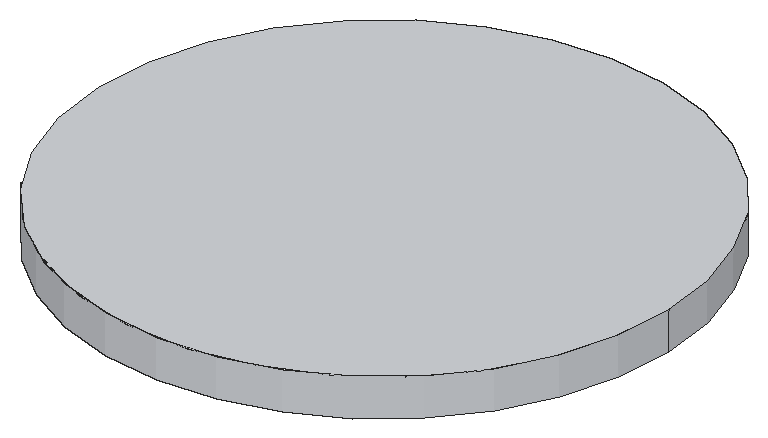
Revit family "TOTO_幼児用腰掛式大便器_1-2歳児向け", category 衛生器具, Revit 2022
Family settings
  丸型コネクタ寸法 = 直径を使用
  パーツ タイプ = 標準
  OmniClass 番号 = 23.45.00.00
  OmniClass タイトル = Sanitary, Laundry, and Cleaning Equipment
  作業面ベース = いいえ
  常に垂直 = はい
  ロード時にボイドで切り取り = はい
  注釈の向きを維持 = いいえ
  共有 = いいえ
  部屋計算ポイント = いいえ
Parameters (values of type "CS310B + S300BK + TCF41R")
  電線管接続口 = ""
  電源種別 = ""
  電源接続口 = ""
  電圧 = "100"
  雑排水負荷単位 = 0
  陶器色 = "#NW1"
  負荷分類 = "9_コンセント"
  給湯負荷単位 = 0
  給水負荷単位(洗浄) = 0
  給水負荷単位(水栓) = 0
  給水タイプ = ""
  相 = "1"
  盤記号 = ""
  消費電力 = "32"
  洗浄水量 = ""
  汚水負荷単位 = 0
  標準取付高さ = ""
  最高使用圧力 = "0.75MPa"
  最低使用圧力 = "0.05MPa"
  既定の高さ = 0 mm
  排水芯・排水高さ = "170"
  排水 = ""
  幹線記号 = ""
  幅 = "340"
  奥行 = "689"
  周波数 = "0"
  付属単位 = "S300BK + TCF41R"
  説明 = "床置床排水大便器（幼児用）"
  設置形態 = "床置"
  記号 = ""
  製造元 = "TOTO株式会社"
  製造停止年月 = ""
  製品出荷対象 = "国内"
  製品リリース年月 = "2014年10月"
  製品グループ = ""
  給水量情報 = ""
  給水接続口情報 = "R1/2"
  給水接続口 = "15"
  系統 = ""
  符号 = ""
  積算_科目 = ""
  積算_拾い区分 = ""
  特殊仕様 = ""
  法定耐用年数 = ""
  構成品番 = "CS310B + S300BK + TCF41R"
  極数 = 2
  材質 = ""
  温水配管 = yes
  消耗品・備品情報 = "便座クッション：TCM3419 パッキン(ボールタップ部用):THY91610 排水弁パッキン：TH93843ER　パッキン：TH93089E"
  流量（L/min） = ""
  水配管 = yes
  排水配管 = yes
  排水接続口情報 = "VU,VP75塩ビ管"
  排水接続口 = "75"
  排気配管 = yes
  形式 = ""
  商品紹介URL = "https://jp.toto.com/products/publictoilet/kids12/"
  商品情報URL = "https://www.com-et.com/jp/item_search/with_img=1/isHaiban=1/kensaku_info=2/qno=0/cometSearch_cate=cometSearch_cate01/searchStr=CS310B/"
  呼称 = ""
  参照している仕様書等のバージョン = ""
  分類コード = ""
  分類グループ = ""
  使用水 = "上水"
  企業コード = "504860"
  仕様 = ""
  中水負荷単位 = 0
  中水接続口 = ""
  上水負荷単位 = 0
  モデル = "CS310B + S300BK + TCF41R"
  パネル色 = ""
  データ作成年月 = ""
  データ作成ソフトVer = "Revit ver.2022"
  コメント [instance] = ""
  キーノート = "0表示の場合は商品仕様と設計数量をご確認ください"
  カウンター色 = ""
  URL = "https://jp.toto.com"
  JIS記号 = ""
  IfcTypeProduct = ""
  IfcProduct = ""
  IfcExportType = ""
  IfcExportAs = ""
  BLCJ仕様バージョン = "Version1.0"
  3Dファイル形式 = "rfa"
Reference planes
  plane 1 "中心(正面/背面)": y = 0
  plane 2: z = 0
  plane 3 "中心(左/右)": x = 0
Forms (mm)
  Extrusion 1, solid
    sketch origin (0, 0, 0) x (1, 0, 0) y (0, 1, 0)
      loop
        circle (0, 255) r 37.5
    from 0 to 5
Dimensions and locks
  aligned and locked: level to plane 2
Nested families
  nested 1: "マスキング76CS310B=000547" at (0, 0, 0), type "マスキング76CS310B=000547", detail levels coarse
Connectors
  piping at (0, 255, 0), diameter 75
    settings: on Extrusion 1, index 4, connector inside diameter 609.6 mm, connector length 0 mm, flow factor 0, pipe flow 0.0 L/s, pressure drop 0.0 MPa, fitting loss kfactor 0, connector angle 0.00°, fixture units 0, engagement length 0 mm, angle of deflection 0.00°, flow configuration 2, flow direction 2, fitting loss method 0, system type 16, joint type 0, gender type 0, connector reference index -1, connector utility 0, adjustable connector no, is connector primary yes, connector description ""
  piping at (254.952, 75.014, 0.05), diameter 15
    settings: on import instance, index 5, connector inside diameter 609.6 mm, connector length 0 mm, flow factor 0, pipe flow 0.0 L/s, pressure drop 0.0 MPa, fitting loss kfactor 0, connector angle 0.00°, fixture units 0, engagement length 0 mm, angle of deflection 0.00°, flow configuration 2, flow direction 1, fitting loss method 0, system type 20, joint type 0, gender type 0, connector reference index -1, connector utility 0, adjustable connector no, is connector primary no, connector description ""
  electrical at (424.635, 0, 217.831)
    settings: on import instance, index 6, voltage 100 V, apparent load 0 VA, apparent load phase1 0 VA, apparent load phase2 0 VA, apparent load phase3 0 VA, power factor 1, load classification "その他", number of poles 1, system type 31, power factor state 1, is connector primary yes, connector utility no, sub classification motor no, connector description ""
Definition of nested family "マスキング76CS310B=000547"
  Parameters (values of type "マスキング76CS310B=000547")
    Manufacturer = "TOTO株式会社"
    Default Elevation = 0 mm
    Model = "76CS310B=000547"
  Reference planes
    plane 1 "中心(正面/背面)": y = 0
    plane 2: z = 0
    plane 3 "中心(左/右)": x = 0
  Lines and regions (mm)
    Masking region 1
      outline origin (0, 0, 0) x (1, 0, 0) y (0, 1, 0)
        loop
          arc (-105, 530.757) -> (-106.142, 518.802) -> (-106.5, 506.799) r 183.548
          line (-106.5, 506.799) -> (-106.5, 255.019)
          arc (-106.5, 255.019) -> (-102.559, 226.074) -> (-90.63, 199.409) r 102.72
          arc (-90.63, 199.409) -> (-126.343, 176.675) -> (-155.744, 146.216) r 179.651
          arc (-155.744, 146.216) -> (-166.343, 126.211) -> (-170.004, 103.87) r 70.006
          line (-170.004, 103.87) -> (-170.004, 95.015) -> (-170.882, 95.015)
          arc (-170.882, 95.015) -> (-174.085, 75.014) -> (-170.877, 55.014) r 63.993
          line (-170.877, 55.014) -> (-170.004, 55.014) -> (-170.004, 40.019)
          arc (-170.004, 40.019) -> (-158.289, 11.725) -> (-129.999, 0) r 40.014
          line (-129.999, 0) -> (129.999, 0)
          arc (129.999, 0) -> (158.289, 11.725) -> (170.004, 40.019) r 40.013
          line (170.004, 40.019) -> (170.004, 103.87)
          arc (170.004, 103.87) -> (166.843, 125.032) -> (157.249, 144.158) r 67.853
          line (157.249, 144.158) -> (156.425, 145.304) -> (155.744, 146.213)
          arc (155.744, 146.213) -> (126.36, 176.661) -> (90.67, 199.39) r 179.651
          line (90.67, 199.39) -> (92.178, 201.693) -> (97.591, 212.399) -> (101.762, 223.606) -> (104.379, 233.894) -> (105.966, 244.417) -> (106.5, 255.019) -> (106.5, 506.799)
          arc (106.5, 506.799) -> (106.144, 518.905) -> (105, 530.963) r 185.894
          line (105, 530.963) -> (105, 531.791)
          arc (105, 531.791) -> (99.073, 585.92) -> (81.589, 637.49) r 250.5
          arc (81.589, 637.49) -> (0, 689.5) -> (-81.589, 637.49) r 90
          arc (-81.589, 637.49) -> (-99.077, 585.9) -> (-105, 531.75) r 250.5
          line (-105, 531.75) -> (-105, 530.757)
    Masking region 2
      outline origin (0, 0, 0) x (1, 0, 0) y (0, 0, 1)
        loop
          arc (-95.418, 115.069) -> (-94.773, 90.006) -> (-97.409, 65.074) r 191.464
          line (-97.409, 65.074) -> (-97.631, 63.788)
          arc (-97.631, 63.788) -> (-100.982, 43.004) -> (-103.894, 22.154) r 1000.26
          line (-103.894, 22.154) -> (-106.5, 0) -> (106.5, 0) -> (103.894, 22.154)
          arc (103.894, 22.154) -> (100.909, 42.993) -> (97.631, 63.788) r 1499.566
          line (97.631, 63.788) -> (97.41, 65.072)
          arc (97.41, 65.072) -> (94.773, 90.006) -> (95.418, 115.069) r 191.478
          line (95.418, 115.069) -> (95.684, 117.873) -> (96.303, 124.57)
          arc (96.303, 124.57) -> (97.334, 141.419) -> (97.604, 158.298) r 373.75
          arc (97.604, 158.298) -> (95.253, 163.141) -> (90.2, 165) r 7.2
          line (90.2, 165) -> (92.5, 169) -> (92.5, 170.047) -> (94, 170.047) -> (94, 173)
          arc (94, 173) -> (95.464, 176.536) -> (99, 178) r 5
          line (99, 178) -> (105, 178) -> (104.514, 184.177)
          arc (104.514, 184.177) -> (99.742, 194.015) -> (89.56, 198) r 15
          line (89.56, 198) -> (27.447, 198)
          arc (27.447, 198) -> (23.399, 201.087) -> (19, 203.648) r 41.002
          line (19, 203.648) -> (19, 314.661) -> (25.018, 314.661)
          arc (25.018, 314.661) -> (28, 322.168) -> (24.983, 329.661) r 10.875
          line (24.983, 329.661) -> (23.901, 329.661) -> (23.901, 334.018) -> (32.5, 334.018) -> (32.5, 345.018) -> (152.814, 345.018)
          arc (152.814, 345.018) -> (158.619, 354.636) -> (161.079, 365.597) r 35.001
          arc (161.079, 365.597) -> (168.181, 557.75) -> (170.004, 750.026) r 7000.111
          line (170.004, 750.026) -> (170.004, 763.117) -> (169.963, 764.805)
          arc (169.963, 764.805) -> (159.323, 788.071) -> (135.796, 798.119) r 35.453
          arc (135.796, 798.119) -> (133.584, 798.242) -> (131.369, 798.301) r 75.97
          arc (131.369, 798.301) -> (72.196, 799.506) -> (13.013, 800.01) r 5000.14
          line (13.013, 800.01) -> (13.013, 800.954)
          arc (13.013, 800.954) -> (7.176, 805.417) -> (0, 807) r 17.001
          arc (0, 807) -> (-7.176, 805.417) -> (-13.013, 800.954) r 17.001
          line (-13.013, 800.954) -> (-13.013, 800.011)
          arc (-13.013, 800.011) -> (-72.209, 799.506) -> (-131.396, 798.301) r 5000.14
          arc (-131.396, 798.301) -> (-133.61, 798.242) -> (-135.822, 798.119) r 75.967
          arc (-135.822, 798.119) -> (-159.257, 788.214) -> (-169.837, 765.076) r 35.087
          line (-169.837, 765.076) -> (-170.004, 763.117) -> (-170.004, 750.026)
          arc (-170.004, 750.026) -> (-169.997, 745.017) -> (-169.997, 740.008) r 4052.563
          line (-169.997, 740.008) -> (-170.893, 740.008)
          arc (-170.893, 740.008) -> (-174.08, 720.007) -> (-170.888, 700.007) r 64.306
          line (-170.888, 700.007) -> (-169.942, 700.007)
          arc (-169.942, 700.007) -> (-167.457, 532.75) -> (-161.079, 365.597) r 7185.705
          arc (-161.079, 365.597) -> (-158.619, 354.636) -> (-152.814, 345.018) r 35.001
          line (-152.814, 345.018) -> (-32.5, 345.018) -> (-32.5, 334.018) -> (-23.901, 334.018) -> (-23.901, 329.661) -> (-24.983, 329.661)
          arc (-24.983, 329.661) -> (-28, 322.168) -> (-25.018, 314.661) r 10.875
          line (-25.018, 314.661) -> (-19, 314.661) -> (-19, 203.648)
          arc (-19, 203.648) -> (-23.399, 201.087) -> (-27.447, 198) r 41.002
          line (-27.447, 198) -> (-89.56, 198)
          arc (-89.56, 198) -> (-99.742, 194.015) -> (-104.514, 184.177) r 15
          line (-104.514, 184.177) -> (-105, 178) -> (-99, 178)
          arc (-99, 178) -> (-95.464, 176.536) -> (-94, 173) r 5
          line (-94, 173) -> (-94, 170.047) -> (-92.5, 170.047) -> (-92.5, 169) -> (-90.2, 165)
          arc (-90.2, 165) -> (-95.253, 163.141) -> (-97.604, 158.298) r 7.2
          arc (-97.604, 158.298) -> (-97.334, 141.409) -> (-96.301, 124.55) r 373.753
          line (-96.301, 124.55) -> (-95.684, 117.873) -> (-95.418, 115.069)
    Masking region 3
      outline origin (0, 0, 0) x (0, 1, 0) y (0, 0, 1)
        loop
          line (225, 199.95) -> (225, 194.436) -> (223.534, 194.436) -> (223.534, 189.436) -> (216.034, 189.436) -> (216.034, 185.439) -> (211.84, 185.439) -> (211.84, 181.936) -> (200.906, 181.936)
          arc (200.906, 181.936) -> (194.35, 185.436) -> (187.779, 181.962) r 7.92
          line (187.779, 181.962) -> (180.002, 181.962)
          arc (180.002, 181.962) -> (161.626, 189.574) -> (154.014, 207.95) r 25.988
          line (154.014, 207.95) -> (154.014, 314.611) -> (159.987, 314.611)
          arc (159.987, 314.611) -> (162.97, 322.118) -> (159.952, 329.611) r 10.875
          line (159.952, 329.611) -> (158.87, 329.611) -> (158.87, 333.968) -> (163.969, 333.968) -> (163.969, 341.968) -> (167.469, 341.968) -> (167.469, 344.968) -> (199.97, 344.968)
          arc (199.97, 344.968) -> (205.776, 354.587) -> (208.235, 365.549) r 35.001
          line (208.235, 365.549) -> (212.618, 450.051) -> (215.699, 534.611) -> (217.294, 606.389) -> (217.952, 678.181) -> (217.871, 698.99) -> (219.166, 698.99) -> (219.166, 694.99) -> (253.077, 695.482) -> (253.077, 734.459) -> (219.166, 734.95) -> (219.166, 730.95) -> (217.746, 730.95) -> (217.672, 749.976) -> (217.672, 764.008)
          arc (217.672, 764.008) -> (207.79, 788.368) -> (183.771, 798.991) r 35.027
          arc (183.771, 798.991) -> (158.902, 799.618) -> (134.027, 799.935) r 2000.04
          line (134.027, 799.935) -> (134.027, 800.904)
          arc (134.027, 800.904) -> (128.19, 805.367) -> (121.014, 806.95) r 17.001
          arc (121.014, 806.95) -> (113.839, 805.367) -> (108.001, 800.904) r 17.001
          line (108.001, 800.904) -> (108.001, 799.935)
          arc (108.001, 799.935) -> (70.726, 799.346) -> (33.469, 798.063) r 2000.04
          arc (33.469, 798.063) -> (9.716, 787.297) -> (0, 763.096) r 35
          line (0, 763.096) -> (0, 749.976) -> (2.587, 654.724) -> (5.173, 559.501) -> (7.759, 464.309) -> (10.344, 369.146) -> (10.627, 365.549)
          arc (10.627, 365.549) -> (14.057, 354.384) -> (20.967, 344.968) r 35.015
          line (20.967, 344.968) -> (102.469, 344.968) -> (102.469, 341.968) -> (105.969, 341.968) -> (105.969, 333.968) -> (111.068, 333.968) -> (111.068, 329.611) -> (109.986, 329.611)
          arc (109.986, 329.611) -> (106.969, 322.118) -> (109.951, 314.611) r 10.875
          line (109.951, 314.611) -> (116.014, 314.611) -> (116.014, 207.95)
          arc (116.014, 207.95) -> (134.756, 162.704) -> (180.002, 143.962) r 63.988
          line (180.002, 143.962) -> (187.701, 143.962)
          arc (187.701, 143.962) -> (194.278, 140.37) -> (200.906, 143.87) r 7.92
          line (200.906, 143.87) -> (211.84, 143.87) -> (211.84, 140.367) -> (216.034, 140.367) -> (216.034, 136.37) -> (223.534, 136.37) -> (223.534, 131.37) -> (225, 131.37) -> (225, 92.719)
          arc (225, 92.719) -> (213.681, 81.704) -> (209.524, 66.467) r 30.003
          line (209.524, 66.467) -> (209.524, 29.95)
          arc (209.524, 29.95) -> (208.059, 26.415) -> (204.524, 24.95) r 5
          line (204.524, 24.95) -> (162.961, 24.95)
          arc (162.961, 24.95) -> (154.334, 21.675) -> (150.053, 13.501) r 13
          line (150.053, 13.501) -> (149.355, 7.541) -> (148.519, -0.05) -> (667.522, -0.05) -> (667.254, 9.795) -> (666.773, 22.319) -> (666.474, 36.073) -> (666.723, 46.42) -> (667.009, 53.664) -> (667.985, 65.82)
          arc (667.985, 65.82) -> (671.553, 90.709) -> (677.193, 115.212) r 300.009
          line (677.193, 115.212) -> (677.517, 116.412) -> (677.916, 117.943)
          arc (677.916, 117.943) -> (681.577, 137.864) -> (682.52, 158.097) r 149.998
          arc (682.52, 158.097) -> (680.419, 162.951) -> (675.522, 164.95) r 7
          line (675.522, 164.95) -> (632.605, 164.95) -> (633.058, 177.95) -> (689.5, 177.95) -> (689.014, 184.127)
          arc (689.014, 184.127) -> (684.242, 193.965) -> (674.06, 197.95) r 15
          line (674.06, 197.95) -> (332, 197.95)
          arc (332, 197.95) -> (324.929, 195.021) -> (322, 187.95) r 10
          line (322, 187.95) -> (322, 174.95) -> (296.791, 174.95)
          arc (296.791, 174.95) -> (281.607, 198.706) -> (254.97, 207.95) r 43
          line (254.97, 207.95) -> (233, 207.95)
          arc (233, 207.95) -> (227.343, 205.607) -> (225, 199.95) r 8
  Dimensions and locks
    aligned and locked: level to plane 2
